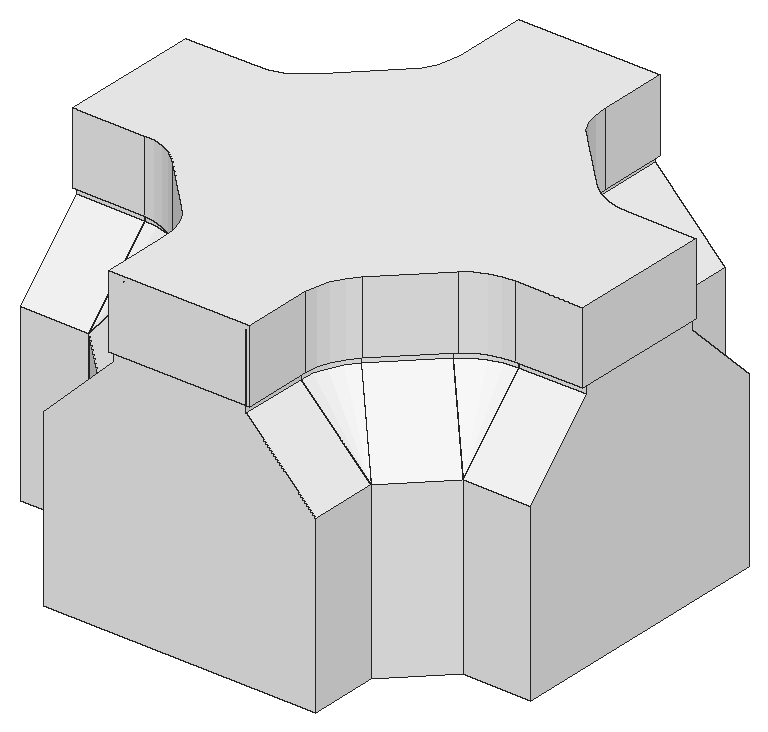
Revit family "Holocom-SMC Connector-2015", category Security Devices, host Face, Revit 2015
Parameters (values of type "Universal Connector")
  URL = "www.holocom.com"
  Product Page URL = ""
  Product Notes = ""
  Universal Connector = yes
  Offset Connector = no
  Offset [instance] = 0' - 1"
  Model = "SMC-CT-4WY"
  Material = Holocom_WhiteTextured
  Manufacturer = "Holocom"  # constant formula
  Default Elevation = 4' - 0"
Types (2): name | Universal Connector | Offset Connector | Offset | Model | Material
  Universal Connector | yes | no | 0' - 1" | "SMC-CT-4WY" | Holocom_WhiteTextured
  Offset Connector | no | yes | 0' - 6 1/4" | "SMC-CT-OFF-X" | none
Reference planes (in)
  plane 1 "Center (Front/Back)": y = 0
  plane 2: z = 0
  plane 3 "Center (Left/Right)": x = 0
  plane 4: z = 1
Dimensions and locks (in)
  "Offset": plane 4 to plane 2
  aligned and locked: plane 2 to host face
  aligned and locked: level to host face
  aligned and locked: plane 1 "Center (Front/Back)" to nested 1
  aligned and locked: plane 3 "Center (Left/Right)" to nested 1
  aligned and locked: plane 3 "Center (Left/Right)" to nested 2
Automatic sketch dimensions
  host sketch curve to host sketch curve = 8' - 0"  (x2)
Nested families (in)
  nested 1: "SMC Universal Connector" at (-3.62773, 0, 0), visible <- "Universal Connector", type "Universal Connector"
  nested 2: "SMC Offset Connector" at (0, 0, 0) x (-1, 0, 0) z (0, 0, 1), visible <- "Offset Connector", type "Offset Connector"
Definition of nested family "SMC Universal Connector"
  Parameters (values of type "Universal Connector")
    URL = "www.holocom.com"
    Model = "SMC-CT-4WY"
    Material = none
    Manufacturer = "Holocom"
    Default Elevation = 4' - 0"
  Reference planes (in)
    plane 1 "Center (Front/Back)": y = 0
    plane 2: z = 0
    plane 3 "Center (Left/Right)": x = 0.00273
    plane 4 "Top Axis": y = 1.9344
    plane 5 "Bottom Axis": y = -2.65835
    plane 6 "Left": x = -2.65352
    plane 7: y = -3.63835
    plane 8 "Right": x = 2.65898
    plane 9: x = 3.62773
    plane 10: x = -3.62227
    plane 11 "Raceway bottom": z = 3.56525
    plane 12: y = -1.9344
    plane 13: y = 2.65835
    plane 14: z = 4.59241
  Forms (in)
    Extrusion 1, solid
      sketch origin (0, 0, 0) x (1, 0, 0) y (0, 1, 0)
        loop
          line (-48, 48) -> (-48, -48) -> (48, -48) -> (48, 48) -> (-48, 48)
      from 0 to -12
    Extrusion 2, solid, material <- "Material"
      sketch origin (0, 0, 0) x (1, 0, 0) y (0, 1, 0)
        loop
          line (-2.65352, 1.75763) -> (-2.65352, -1.75973) -> (-1.75489, -2.65835) -> (1.76036, -2.65835) -> (2.65898, -1.75973) -> (2.65898, 1.75973) -> (1.76036, 2.65835) -> (-1.75279, 2.65835) -> (-2.65352, 1.75763)
      from 0 to 0.125
    Revolve 3, solid, material <- "Material"
      sketch origin (-2.65352, 0.03645, 0) x (0, 1, 0) y (0, 0, 1)
        loop
          line (-0.97085, 4.42578) -> (-0.97085, 3.463) -> (-1.97085, 2.463) -> (-1.88246, 2.37461) -> (-0.84585, 3.41122) -> (-0.84585, 4.42578) -> (-0.97085, 4.42578)
        axis (-1.97085, 2.37461) -> (-1.97085, 4.42578)
      angle from 0 to 45
    Sweep 4, solid, material <- "Material"
      path origin (0, 0, 0) x (1, 0, 0) y (0, 1, 0)
        loop
          line (0.00273, -2.65835) -> (0.00273, -3.63835)
      profile "SMC_Profile : SMC_Profile" origin (0.00273, -3.14835, 0) x (1, 0, 0) y (0, 0, 1)
        loop
          line (-1.9344, 0) -> (1.9344, 0) -> (1.9344, 2.46484) -> (0.9375, 3.46175) -> (0.9375, 4.53125) -> (-0.9375, 4.53125) -> (-0.9375, 3.46175) -> (-1.9344, 2.46484) -> (-1.9344, 0)
    Sweep 5, solid, material <- "Material"
      path origin (0, -0.06212, 0) x (1, 0, 0) y (0, 1, 0)
        loop
          line (2.65898, 0.06212) -> (3.62773, 0.06212)
      profile "SMC_Profile : SMC_Profile" origin (3.14336, 0, 0) x (0, 1, 0) y (0, 0, 1)
        loop
          line (-1.9344, 0) -> (1.9344, 0) -> (1.9344, 2.46484) -> (0.9375, 3.46175) -> (0.9375, 4.53125) -> (-0.9375, 4.53125) -> (-0.9375, 3.46175) -> (-1.9344, 2.46484) -> (-1.9344, 0)
    Sweep 6, solid, material <- "Material"
      path origin (0, 0, 0) x (1, 0, 0) y (0, 1, 0)
        loop
          line (-3.62227, 0) -> (-2.65352, 0)
      profile "SMC_Profile : SMC_Profile" origin (-3.13789, 0, 0) x (0, 1, 0) y (0, 0, 1)
        loop
          line (-1.9344, 0) -> (1.9344, 0) -> (1.9344, 2.46484) -> (0.9375, 3.46175) -> (0.9375, 4.53125) -> (-0.9375, 4.53125) -> (-0.9375, 3.46175) -> (-1.9344, 2.46484) -> (-1.9344, 0)
    Revolve 7, solid, material <- "Material"
      sketch origin (-0.01117, -2.65835, 0) x (1, 0, 0) y (0, 0, 1)
        loop
          line (-0.9236, 4.42578) -> (-0.9236, 3.46175) -> (-1.9205, 2.46484) -> (-1.83211, 2.37646) -> (-0.7986, 3.40997) -> (-0.7986, 4.42578) -> (-0.9236, 4.42578)
        axis (-1.92503, 2.37646) -> (-1.92503, 4.42578)
      angle from 0 to 45
    Revolve 8, solid, material <- "Material"
      sketch origin (-0.73302, 1.9344, 0) x (-1, 0, 0) y (0, 0, 1)
        loop
          line (0.9236, 3.46175) -> (0.9236, 4.42578) -> (0.7986, 4.42578) -> (0.7986, 3.40997) -> (1.83211, 2.37646) -> (1.9205, 2.46484) -> (0.9236, 3.46175)
        axis (1.9205, 2.37646) -> (1.9205, 4.42578)
      angle from 45 to 90
    Revolve 9, solid, material <- "Material"
      sketch origin (-0.02852, -2.65835, 0) x (1, 0, 0) y (0, 0, 1)
        loop
          line (1.96565, 2.46484) -> (0.96875, 3.46175) -> (0.96875, 4.42578) -> (0.84375, 4.42578) -> (0.84375, 3.40997) -> (1.87726, 2.37646) -> (1.96565, 2.46484)
        axis (1.96565, 2.37646) -> (1.96565, 4.42578)
      angle from 0 to 45
    Revolve 10, solid, material <- "Material"
      sketch origin (2.65898, 0, 0) x (0, 1, 0) y (0, 0, 1)
        loop
          line (-0.9375, 3.46175) -> (-1.9344, 2.46484) -> (-1.84601, 2.37646) -> (-0.8125, 3.40997) -> (-0.8125, 4.42578) -> (-0.9375, 4.42578) -> (-0.9375, 3.46175)
        axis (-1.9344, 4.42578) -> (-1.9344, 2.37646)
      angle from 0 to 45
    Revolve 11, solid, material <- "Material"
      sketch origin (-0.01019, 2.65933, 0) x (1, 0, 0) y (0, 0, -1)
        loop
          line (-0.9236, -4.42578) -> (-0.7986, -4.42578) -> (-0.7986, -3.40997) -> (-1.83211, -2.37646) -> (-1.9205, -2.46484) -> (-0.9236, -3.46175) -> (-0.9236, -4.42578)
        axis (-1.92503, -2.37646) -> (-1.92503, -4.42578)
      angle from 0 to 45
    Revolve 12, solid, material <- "Material"
      sketch origin (-0.02852, 2.65835, 0) x (1, 0, 0) y (0, 0, -1)
        loop
          line (1.96565, -2.46484) -> (1.87726, -2.37646) -> (0.84375, -3.40997) -> (0.84375, -4.42578) -> (0.96875, -4.42578) -> (0.96875, -3.46175) -> (1.96565, -2.46484)
        axis (1.96565, -2.37646) -> (1.96565, -4.42578)
      angle from 0 to 45
    Revolve 13, solid, material <- "Material"
      sketch origin (2.65898, 0, 0) x (0, -1, 0) y (0, 0, 1)
        loop
          line (-0.9375, 3.46175) -> (-1.9344, 2.46484) -> (-1.84601, 2.37646) -> (-0.8125, 3.40997) -> (-0.8125, 4.42578) -> (-0.9375, 4.42578) -> (-0.9375, 3.46175)
        axis (-1.9344, 4.42578) -> (-1.9344, 2.37646)
      angle from 0 to 45
    Sweep 14, solid, material <- "Material"
      path origin (0, 0, 0) x (1, 0, 0) y (0, -1, 0)
        loop
          line (0.00273, -2.65835) -> (0.00273, -3.63835)
      profile "SMC_Profile : SMC_Profile" origin (0.00273, 3.14835, 0) x (-1, 0, 0) y (0, 0, 1)
        loop
          line (1.9344, 0) -> (1.9344, 2.46484) -> (0.9375, 3.46175) -> (0.9375, 4.53125) -> (-0.9375, 4.53125) -> (-0.9375, 3.46175) -> (-1.9344, 2.46484) -> (-1.9344, 0) -> (1.9344, 0)
    Extrusion 15, solid, material <- "Material"
      sketch origin (0, 0, 3.56525) x (0, 1, 0) y (-1, 0, 0)
        loop
          line (1, 2.65352) -> (1, 3.62227) -> (-0.99794, 3.62227) -> (-0.99794, 2.60952)
          arc (-0.99794, 2.60952) -> (-1.06188, 2.31058) -> (-1.21859, 2.04811) r 0.9375
          line (-1.21859, 2.04811) -> (-1.99442, 1.27228)
          arc (-1.99442, 1.27228) -> (-2.29904, 1.06874) -> (-2.65835, 0.99727) r 0.93894
          line (-2.65835, 0.99727) -> (-3.63835, 0.99727) -> (-3.63835, -1.00273) -> (-2.65835, -1.00273)
          arc (-2.65835, -1.00273) -> (-2.30077, -1.07386) -> (-1.99763, -1.27641) r 0.9344
          line (-1.99763, -1.27641) -> (-1.23748, -2.03656)
          arc (-1.23748, -2.03656) -> (-1.06139, -2.32589) -> (-1, -2.65898) r 0.9344
          line (-1, -2.65898) -> (-1, -3.62773) -> (1, -3.62773) -> (1, -2.65898)
          arc (1, -2.65898) -> (1.06139, -2.32589) -> (1.23748, -2.03656) r 0.9344
          line (1.23748, -2.03656) -> (1.99763, -1.27641)
          arc (1.99763, -1.27641) -> (2.30077, -1.07386) -> (2.65835, -1.00273) r 0.9344
          line (2.65835, -1.00273) -> (3.63835, -1.00273) -> (3.63835, 0.99661) -> (2.63454, 0.99661)
          arc (2.63454, 0.99661) -> (2.2886, 1.07258) -> (1.99541, 1.27129) r 0.93894
          line (1.99541, 1.27129) -> (1.27368, 1.9928)
          arc (1.27368, 1.9928) -> (1.07113, 2.29594) -> (1, 2.65352) r 0.9344
      from 0 to 1.02716
  Dimensions and locks (in)
    plane 7 to plane 5 "Bottom Axis" = 0' - 0.98"
    plane 10 to plane 6 "Left" = 0' - 0 31/32"
    plane 12 to plane 5 "Bottom Axis" = 0' - 0.72395"
    equal spacing: plane 4 "Top Axis", plane 1 "Center (Front/Back)", plane 12
    plane 8 "Right" to plane 9 = 0' - 0 31/32"
    plane 1 "Center (Front/Back)" to plane 7 = 0' - 3.63835"
    plane 3 "Center (Left/Right)" to plane 9 = 0' - 3 5/8"
    plane 10 to plane 3 "Center (Left/Right)" = 0' - 3 5/8"
    aligned and locked: plane 2 to Extrusion 1
    aligned and locked: level to Extrusion 1
  Automatic sketch dimensions
    Extrusion 1 sketch curve to Extrusion 1 sketch curve = 8' - 0"  (x2)
    Revolve 3 sketch curve to plane 12 = 0' - 0"  (x2)
    Revolve 3 sketch curve to plane 12 = 0' - 0.08839"
    plane 11 "Raceway bottom" to Revolve 3 sketch curve = 0' - 0.10225"
    Revolve 3 sketch curve to plane 1 "Center (Front/Back)" = 0' - 0.9344"
    Revolve 3 sketch curve to Revolve 3 sketch curve = 0' - 0 1/8"
    Revolve 3 sketch curve to Revolve 3 sketch curve = 0' - 0.05178"
    level to Revolve 3 sketch curve = 1' - 0"
    Sweep 4 sketch curve to plane 3 "Center (Left/Right)" = 0' - 0"
    Sweep 4 sketch curve to plane 7 = 0' - 0"
    plane 5 "Bottom Axis" to Sweep 4 sketch curve = 0' - 0"
    plane 1 "Center (Front/Back)" to Sweep 5 sketch curve = 0' - 0"
    Sweep 5 sketch curve to plane 8 "Right" = 0' - 0"
    Sweep 5 sketch curve to plane 9 = 0' - 0"
    plane 1 "Center (Front/Back)" to Sweep 6 sketch curve = 0' - 0"
    Sweep 6 sketch curve to plane 10 = 0' - 0"
    Sweep 6 sketch curve to plane 6 "Left" = 0' - 0"
    Revolve 7 sketch curve to level = 0' - 0"
    Revolve 7 sketch curve to plane 6 "Left" = 0' - 0.72185"
    Revolve 7 sketch curve to Revolve 7 sketch curve = 0' - 0.08839"
    Revolve 7 sketch curve to plane 11 "Raceway bottom" = 0' - 0.1035"
    Revolve 7 sketch curve to Revolve 7 sketch curve = 0' - 0 1/8"
    Revolve 7 sketch curve to plane 6 "Left" = 0' - 0.71731"
    plane 6 "Left" to Revolve 8 sketch curve = 0' - 0"  (x2)
    Revolve 8 sketch curve to level = 0' - 0"
    Revolve 8 sketch curve to plane 6 "Left" = 0' - 0.08839"
    Revolve 8 sketch curve to plane 6 "Left" = 0' - 0.9969"
    Revolve 8 sketch curve to Revolve 8 sketch curve = 0' - 0 1/8"
    Revolve 9 sketch curve to level = 0' - 0"
    plane 3 "Center (Left/Right)" to Revolve 9 sketch curve = 0' - 0 13/16"
    Revolve 9 sketch curve to Revolve 9 sketch curve = 0' - 0 1/8"
    Revolve 9 sketch curve to plane 8 "Right" = 0' - 0.81024"
    Revolve 9 sketch curve to Revolve 9 sketch curve = 0' - 0.08839"  (x2)
    Revolve 9 sketch curve to plane 8 "Right" = 0' - 0.72185"
    Revolve 10 sketch curve to plane 12 = 0' - 0"  (x2)
    plane 12 to Revolve 10 sketch curve = 0' - 0.08839"
    Revolve 10 sketch curve to plane 11 "Raceway bottom" = 0' - 0.1035"
    plane 1 "Center (Front/Back)" to Revolve 10 sketch curve = 0' - 0 15/16"
    Revolve 10 sketch curve to Revolve 10 sketch curve = 0' - 0 1/8"
    Revolve 10 sketch curve to Revolve 10 sketch curve = 0' - 0.05178"
    Revolve 10 sketch curve to level = 0' - 0.57312"
    Revolve 11 sketch curve to level = 0' - 0"
    Revolve 11 sketch curve to plane 6 "Left" = 0' - 0.72283"
    Revolve 11 sketch curve to Revolve 11 sketch curve = 0' - 0.08839"
    Revolve 11 sketch curve to plane 11 "Raceway bottom" = 0' - 0.1035"
    Revolve 11 sketch curve to Revolve 11 sketch curve = 0' - 0 1/8"
    Revolve 11 sketch curve to plane 6 "Left" = 0' - 0.7183"
    Revolve 12 sketch curve to level = 0' - 0"
    plane 3 "Center (Left/Right)" to Revolve 12 sketch curve = 0' - 0 13/16"
    Revolve 12 sketch curve to Revolve 12 sketch curve = 0' - 0 1/8"
    Revolve 12 sketch curve to plane 8 "Right" = 0' - 0.81024"
    Revolve 12 sketch curve to Revolve 12 sketch curve = 0' - 0.08839"
    Revolve 12 sketch curve to plane 8 "Right" = 0' - 0.72185"
    Revolve 13 sketch curve to plane 4 "Top Axis" = 0' - 0"  (x2)
    plane 4 "Top Axis" to Revolve 13 sketch curve = 0' - 0.08839"
    plane 11 "Raceway bottom" to Revolve 13 sketch curve = 0' - 0.1035"
    plane 1 "Center (Front/Back)" to Revolve 13 sketch curve = 0' - 0 15/16"
    Revolve 13 sketch curve to Revolve 13 sketch curve = 0' - 0 1/8"
    Revolve 13 sketch curve to Revolve 13 sketch curve = 0' - 0.05178"
    level to Revolve 13 sketch curve = 0' - 0.57312"
    Sweep 14 sketch curve to plane 3 "Center (Left/Right)" = 0' - 0"
    Sweep 14 sketch curve to plane 4 "Top Axis" = 0' - 0.72395"
    Sweep 14 sketch curve to Sweep 14 sketch curve = 0' - 0.98"
    Extrusion 2 sketch curve to plane 6 "Left" = 0' - 0"
    plane 5 "Bottom Axis" to Extrusion 2 sketch curve = 0' - 0"
    Extrusion 2 sketch curve to plane 13 = 0' - 0"
    Extrusion 2 sketch curve to plane 8 "Right" = 0' - 0"
    Extrusion 2 sketch curve to plane 6 "Left" = 0' - 0.89862"
    Extrusion 2 sketch curve to plane 6 "Left" = 0' - 0.90073"
    Extrusion 2 sketch curve to plane 8 "Right" = 0' - 0.89862"  (x2)
    plane 12 to Extrusion 2 sketch curve = 0' - 0.17467"  (x2)
    Extrusion 2 sketch curve to plane 4 "Top Axis" = 0' - 0.17678"
    Extrusion 2 sketch curve to plane 4 "Top Axis" = 0' - 0.17467"
    Revolve 3 sketch curve to plane 11 "Raceway bottom" = 0' - 0.86053"
    Revolve 3 sketch curve to Revolve 3 sketch curve = 7' - 7 147/256"
    plane 11 "Raceway bottom" to Revolve 7 sketch curve = 0' - 0.86053"
    Revolve 7 sketch curve to Revolve 7 sketch curve = 0' - 0 211/256"
    plane 11 "Raceway bottom" to Revolve 8 sketch curve = 0' - 0.86053"
    Revolve 8 sketch curve to Revolve 8 sketch curve = 0' - 0.67434"
    plane 11 "Raceway bottom" to Revolve 9 sketch curve = 0' - 0.86053"
    Revolve 9 sketch curve to Revolve 9 sketch curve = 0' - 0.98368"
    plane 11 "Raceway bottom" to Revolve 10 sketch curve = 0' - 0.86053"
    Revolve 10 sketch curve to Revolve 10 sketch curve = 0' - 0.85822"
    plane 11 "Raceway bottom" to Revolve 11 sketch curve = 0' - 0.86053"
    Revolve 11 sketch curve to Revolve 11 sketch curve = 0' - 0 211/256"
    plane 11 "Raceway bottom" to Revolve 12 sketch curve = 0' - 0.86053"
    Revolve 12 sketch curve to Revolve 12 sketch curve = 0' - 0.98368"
    Revolve 13 sketch curve to plane 11 "Raceway bottom" = 0' - 0.86053"
    Revolve 13 sketch curve to Revolve 13 sketch curve = 0' - 0.85822"
    Revolve 7 sketch curve to plane 3 "Center (Left/Right)" = 0' - 0 15/16"
    Revolve 7 sketch curve to plane 11 "Raceway bottom" = 0' - 1.18879"
    Revolve 8 sketch curve to plane 11 "Raceway bottom" = 0' - 1.18879"
    Revolve 8 sketch curve to Revolve 8 sketch curve = 0' - 0.08839"
    Revolve 9 sketch curve to plane 11 "Raceway bottom" = 0' - 1.18879"
    Revolve 11 sketch curve to plane 3 "Center (Left/Right)" = 0' - 0.93652"
    Revolve 11 sketch curve to Revolve 11 sketch curve = 0' - 0.05178"
    Revolve 12 sketch curve to plane 11 "Raceway bottom" = 0' - 0.1035"
    Revolve 12 sketch curve to Revolve 12 sketch curve = 0' - 0.05178"
    plane 7 to Extrusion 15 sketch curve = 0' - 0"
    plane 5 "Bottom Axis" to Extrusion 15 sketch curve = 0' - 0"  (x2)
    Extrusion 15 sketch curve to plane 6 "Left" = 0' - 0"  (x2)
    Extrusion 15 sketch curve to plane 12 = 0' - 0"  (x2)
    Extrusion 15 sketch curve to plane 8 "Right" = 0' - 0"  (x2)
    Extrusion 15 sketch curve to plane 9 = 0' - 0"
    plane 10 to Extrusion 15 sketch curve = 0' - 0"
    Extrusion 15 sketch curve to plane 4 "Top Axis" = 0' - 0"  (x2)
    Extrusion 15 sketch curve to plane 13 = 0' - 0"
    Extrusion 15 sketch curve to plane 12 = 0' - 0.06323"
    Extrusion 15 sketch curve to plane 12 = 0' - 0.06002"
    plane 12 to Extrusion 15 sketch curve = 0' - 0.69692"
    plane 12 to Extrusion 15 sketch curve = 0' - 0.71581"
    plane 1 "Center (Front/Back)" to Extrusion 15 sketch curve = 0' - 1"
    Extrusion 15 sketch curve to plane 6 "Left" = 0' - 0.044"
    Extrusion 15 sketch curve to Extrusion 15 sketch curve = 0' - 0.22066"
    Extrusion 15 sketch curve to plane 4 "Top Axis" = 0' - 0.9344"  (x2)
    Extrusion 15 sketch curve to plane 8 "Right" = 0' - 0.62242"
    Extrusion 15 sketch curve to plane 4 "Top Axis" = 0' - 0.66072"
    plane 4 "Top Axis" to Extrusion 15 sketch curve = 0' - 0.06323"
    Extrusion 15 sketch curve to plane 13 = 0' - 0.02381"
    plane 13 to Extrusion 15 sketch curve = 0' - 0.00098"
    plane 13 to Extrusion 15 sketch curve = 0' - 0.98"
    Extrusion 15 sketch curve to plane 8 "Right" = 0' - 0.72185"  (x2)
    Extrusion 15 sketch curve to Extrusion 15 sketch curve = 0' - 0.66072"  (x2)
    Extrusion 15 sketch curve to plane 3 "Center (Left/Right)" = 0' - 0.99935"
    Extrusion 15 sketch curve to plane 3 "Center (Left/Right)" = 0' - 1"
    Extrusion 15 sketch curve to Extrusion 15 sketch curve = 0' - 0.27501"
    Extrusion 15 sketch curve to plane 6 "Left" = 0' - 0.7183"
    plane 4 "Top Axis" to Extrusion 15 sketch curve = 0' - 0.06089"
    Extrusion 15 sketch curve to Extrusion 15 sketch curve = 0' - 0.00011"  (x2)
  Nested families (in)
    nested 1: "SMC_Base Flange" at (-1.93394, -2.65609, 0) x (0.7071, 0.7071, 0) z (0, 0, 1), type "SMC_Base Flange"
      with Width 0' - 1.01913"
    nested 2: "SMC_Base Flange" at (1.93713, -2.65835, 0) x (-0.7071, 0.7071, 0) z (0, 0, 1), type "SMC_Base Flange"
      with Width 0' - 1.02233"
    nested 3: "SMC_Base Flange" at (-1.9319, 2.65602, 0) x (0.7071, -0.7071, 0) z (0, 0, 1), type "SMC_Base Flange"
      with Width 0' - 1.02052"
    nested 4: "SMC_Base Flange" at (1.93713, 2.65835, 0) x (-0.7071, -0.7071, 0) z (0, 0, 1), type "SMC_Base Flange"
      with Width 0' - 1.02233"
  Definition of nested family "SMC_Base Flange"
    Parameters (values of type "SMC_Base Flange")
      Width [instance] = 0' - 0.98"
      Material = none
    Reference planes (in)
      plane 1 "Center (Front/Back)": y = 0
      plane 2: z = 0
      plane 3 "Center (Left/Right)": x = 0
      plane 4: y = 0.98
    Forms (in)
      Extrusion 1, solid, material <- "Material"
        sketch origin (0.97665, -2.74105, 0.10822) x (0, 0, 1) y (1, 0, 0)
          loop
            line (-0.10822, -0.97665) -> (2.35663, -0.97665) -> (3.35353, 0.02025) -> (4.31756, 0.02025) -> (4.31756, 0.14525) -> (3.30175, 0.14525) -> (2.30485, -0.85165) -> (-0.10822, -0.85165) -> (-0.10822, -0.97665)
        from 2.74105 to 3.72105
    Dimensions and locks (in)
      "Width": plane 4 to plane 1 "Center (Front/Back)"
      aligned and locked: plane 2 to level
      aligned and locked: plane 4 to Extrusion 1
    Automatic sketch dimensions
      Extrusion 1 sketch curve to level = 0' - 0"
      Extrusion 1 sketch curve to plane 3 "Center (Left/Right)" = 0' - 0"
      plane 3 "Center (Left/Right)" to Extrusion 1 sketch curve = 0' - 0.9969"
      Extrusion 1 sketch curve to Extrusion 1 sketch curve = 0' - 0.96404"
      Extrusion 1 sketch curve to Extrusion 1 sketch curve = 0' - 2 119/256"
      Extrusion 1 sketch curve to Extrusion 1 sketch curve = 0' - 0.9969"
      Extrusion 1 sketch curve to Extrusion 1 sketch curve = 0' - 0 1/8"  (x2)
      Extrusion 1 sketch curve to Extrusion 1 sketch curve = 0' - 0.05178"  (x2)
Definition of nested family "SMC Offset Connector"
  Parameters (values of type "Offset Connector")
    Width-Top Leg = 0' - 1"  # constant formula
    Width-Bottom Leg = 0' - 8 49/256"  # constant formula
    URL = "www.holocom.com"
    Offset Elevation = 0' - 6 1/4"
    Model = "SMC-CT-OFF-X"
    Material = none
    Manufacturer = "Holocom"
    Default Elevation = 4' - 0"
  Reference planes (in)
    plane 1 "Center (Front/Back)": y = 0
    plane 2: z = 0
    plane 3 "Center (Left/Right)": x = 0
    plane 4 "Surface 2": z = 6.25
    plane 5: x = 8.19141
    plane 6: x = 9.19141
  Forms (in)
    Extrusion 1, solid
      sketch origin (0, 0, 0) x (1, 0, 0) y (0, 1, 0)
        loop
          line (-43.00601, 48) -> (-43.00601, -48) -> (48, -48) -> (48, 48) -> (-43.00601, 48)
      from 0 to -12
    Sweep 2, solid, material <- "Material"
      path origin (36, 0, 0) x (1, 0, 0) y (0, 0, 1)
        loop
          line (-36, 0) -> (-27.80859, 0) -> (-27.80859, 6.25) -> (-26.80859, 6.25)
      profile "SMC_Profile : SMC_Profile" origin (4.0957, 0, 0) x (0, 0, 1) y (0, -1, 0)
        loop
          line (0, 1.9344) -> (0, -1.9344) -> (2.46484, -1.9344) -> (3.46175, -0.9375) -> (4.53125, -0.9375) -> (4.53125, 0.9375) -> (3.46175, 0.9375) -> (2.46484, 1.9344) -> (0, 1.9344)
  Dimensions and locks (in)
    "Width-Bottom Leg": plane 5 to plane 3 "Center (Left/Right)"
    "Width-Top Leg": plane 6 to plane 5
    "Offset Elevation": plane 4 "Surface 2" to level
    aligned and locked: plane 2 to Extrusion 1
    aligned and locked: level to Extrusion 1
    aligned and locked: Sweep 2 sketch curve to plane 4 "Surface 2"
    aligned and locked: plane 3 "Center (Left/Right)" to Sweep 2
    aligned and locked: plane 5 to Sweep 2 sketch curve
  Automatic sketch dimensions
    Extrusion 1 sketch curve to Extrusion 1 sketch curve = 7' - 7.00601"
    Extrusion 1 sketch curve to Extrusion 1 sketch curve = 8' - 0"
    Sweep 2 sketch curve to level = 0' - 0"
    Sweep 2 sketch curve to plane 3 "Center (Left/Right)" = 0' - 0"
    Sweep 2 sketch curve to plane 6 = 0' - 0"
